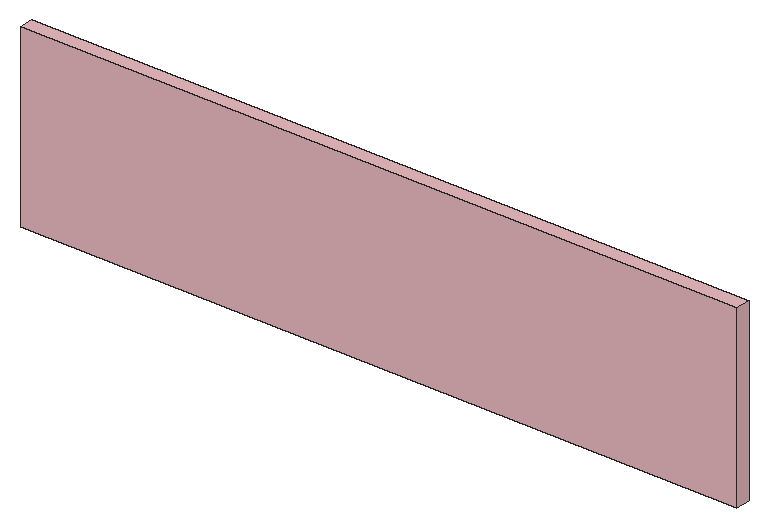
Revit family "Wood Wool - Ceiling Baffles", category Specialty Equipment, Revit 2023
Family settings
  Round Connector Dimension = Use Diameter
  Part Type = Normal
  OmniClass Number = 23.35.00.00
  OmniClass Title = Covering, Cladding, and Finishes
  Work Plane-Based = Yes
  Enable Cutting in Views = Yes
  Always vertical = No
  Cut with Voids When Loaded = No
  Maintain Annotation Orientation = No
  Shared = No
  Room Calculation Point = No
Parameters (values of type "2" Square 2ft x 8ft Custom Painted")
  URL = "https://www.acousticalsurfaces.com/envirocoustic-wood-wool/baffle/"
  Type Comments = "Acoustic Baffles"
  Thickness Options = 2
  T = if(Thickness Options = 0, 0' 1", 0' 0") + if(Thickness Options = 1, 0' 1 3/8", 0' 0") + if(Thickness Options = 2, 0' 2", 0' 0")  # 0' - 2"
  Recycled Content Percentage = "0%"
  Model = "Envirocoustic Wood Wool"
  Material = "Envirocoustic Wood Wool"
  Manufacturer = "Acoustical Surfaces, Inc."
  Fire Rating = "ASTM E84 - Class A"
  Finish = Paint - Acoustical-Surfaces - Custom Painted
  Edge Option = 2
  ‍     2. Square = Edge Option = 2  # yes
  ‍     1. Beveled = Edge Option = 1  # no
  Width = 2' - 0"
  Length = 8' - 0"
  ‍      2. Thickness 2" = Thickness Options = 2  # yes
  ‍      1. Thickness 1-3/8" = Thickness Options = 1  # no
  ‍      0. Thickness 1" = Thickness Options = 0  # no
  Description = "Acoustic Baffles"
  Default Elevation = 0' - 0"
  B = Width / 2  # 1' - 0"
  Assembly Code = "C30"
  Acoustics - NRC = "Sound absorption varies from NRC 0.45 to 0.95 based on installation method used when tested per ASTM C423."
Types (24): name | Thickness Options | T | Finish | Edge Option | ‍     2. Square | ‍     1. Beveled | Length | ‍      2. Thickness 2" | ‍      1. Thickness 1-3/8" | ‍      0. Thickness 1"
  2" Square 2ft x 8ft Custom Painted | 2 | 0' - 2" | Paint - Acoustical-Surfaces - Custom Painted | 2 | yes | no | 8' - 0" | yes | no | no
  2" Square 2ft x 4ft Custom Painted | 2 | 0' - 2" | Paint - Acoustical-Surfaces - Custom Painted | 2 | yes | no | 4' - 0" | yes | no | no
  2" Square 2ft x 8ft Primed White | 2 | 0' - 2" | Paint - Acoustical-Surfaces - Primed White | 2 | yes | no | 8' - 0" | yes | no | no
  2" Square 2ft x 4ft Primed White | 2 | 0' - 2" | Paint - Acoustical-Surfaces - Primed White | 2 | yes | no | 4' - 0" | yes | no | no
  2" Beveled 2ft x 8ft Custom Painted | 2 | 0' - 2" | Paint - Acoustical-Surfaces - Custom Painted | 1 | no | yes | 8' - 0" | yes | no | no
  2" Beveled 2ft x 4ft Custom Painted | 2 | 0' - 2" | Paint - Acoustical-Surfaces - Custom Painted | 1 | no | yes | 4' - 0" | yes | no | no
  2" Beveled 2ft x 8ft Primed White | 2 | 0' - 2" | Paint - Acoustical-Surfaces - Primed White | 1 | no | yes | 8' - 0" | yes | no | no
  2" Beveled 2ft x 4ft Primed White | 2 | 0' - 2" | Paint - Acoustical-Surfaces - Primed White | 1 | no | yes | 4' - 0" | yes | no | no
  1 3/8" Square 2ft x 8ft Custom Painted | 1 | 0' - 1 3/8" | Paint - Acoustical-Surfaces - Custom Painted | 2 | yes | no | 8' - 0" | no | yes | no
  1 3/8" Square 2ft x 4ft Custom Painted | 1 | 0' - 1 3/8" | Paint - Acoustical-Surfaces - Custom Painted | 2 | yes | no | 4' - 0" | no | yes | no
  1 3/8" Square 2ft x 8ft Primed White | 1 | 0' - 1 3/8" | Paint - Acoustical-Surfaces - Primed White | 2 | yes | no | 8' - 0" | no | yes | no
  1 3/8" Square 2ft x 4ft Primed White | 1 | 0' - 1 3/8" | Paint - Acoustical-Surfaces - Primed White | 2 | yes | no | 4' - 0" | no | yes | no
  1 3/8" Beveled 2ft x 8ft Custom Painted | 1 | 0' - 1 3/8" | Paint - Acoustical-Surfaces - Custom Painted | 1 | no | yes | 8' - 0" | no | yes | no
  1 3/8" Beveled 2ft x 4ft Custom Painted | 1 | 0' - 1 3/8" | Paint - Acoustical-Surfaces - Custom Painted | 1 | no | yes | 4' - 0" | no | yes | no
  1 3/8" Beveled 2ft x 8ft Primed White | 1 | 0' - 1 3/8" | Paint - Acoustical-Surfaces - Primed White | 1 | no | yes | 8' - 0" | no | yes | no
  1 3/8" Beveled 2ft x 4ft Primed White | 1 | 0' - 1 3/8" | Paint - Acoustical-Surfaces - Primed White | 1 | no | yes | 4' - 0" | no | yes | no
  1" Beveled 2ft x 4ft Primed White | 0 | 0' - 1" | Paint - Acoustical-Surfaces - Primed White | 1 | no | yes | 4' - 0" | no | no | yes
  1" Beveled 2ft x 4ft Custom Painted | 0 | 0' - 1" | Paint - Acoustical-Surfaces - Custom Painted | 1 | no | yes | 4' - 0" | no | no | yes
  1" Square 2ft x 4ft Primed White | 0 | 0' - 1" | Paint - Acoustical-Surfaces - Primed White | 2 | yes | no | 4' - 0" | no | no | yes
  1" Square 2ft x 4ft Custom Painted | 0 | 0' - 1" | Paint - Acoustical-Surfaces - Custom Painted | 2 | yes | no | 4' - 0" | no | no | yes
  1" Square 2ft x 8ft Primed White | 0 | 0' - 1" | Paint - Acoustical-Surfaces - Primed White | 2 | yes | no | 8' - 0" | no | no | yes
  1" Beveled 2ft x 8ft Primed White | 0 | 0' - 1" | Paint - Acoustical-Surfaces - Primed White | 1 | no | yes | 8' - 0" | no | no | yes
  1" Beveled 2ft x 8ft Custom Painted | 0 | 0' - 1" | Paint - Acoustical-Surfaces - Custom Painted | 1 | no | yes | 8' - 0" | no | no | yes
  1" Square 2ft x 8ft Custom Painted | 0 | 0' - 1" | Paint - Acoustical-Surfaces - Custom Painted | 2 | yes | no | 8' - 0" | no | no | yes
Reference planes (in)
  plane 1 "Center (Front/Back)": y = 0
  plane 2: z = 0
  plane 3 "Center (Left/Right)": x = 0
  plane 4: y = -2
  plane 5: y = 0
  plane 6: x = -48
  plane 7: x = 48
  plane 8: z = 24
  plane 9: z = 0
Dimensions and locks (in)
  "B": nested 1 to plane 2
  "B": nested 2 to level
  equal spacing: plane 6, plane 3 "Center (Left/Right)", plane 7
  "Length": plane 6 to plane 7
  locked: plane 1 "Center (Front/Back)" to plane 5
  "T": plane 4 to plane 1 "Center (Front/Back)"
  locked: level to plane 9
  "Width": plane 8 to level
  aligned and locked: level to plane 2
Nested families (in)
  nested 1: "Beveled" at (0, 0, 12) x (-1, 0, 0) z (0, -1, 0), visible <- "‍     1. Beveled", type "Beveled"
    with Thickness 0' - 2"
  nested 2: "Square" at (0, 0, 12) x (-1, 0, 0) z (0, -1, 0), visible <- "‍     2. Square", type "Square"
    with Thickness 0' - 2"
Definition of nested family "Beveled"
  Parameters (values of type "Beveled")
    Thickness = 0' - 1"
    Material = none
    Default Elevation = 4' - 0"
    B = 2' - 0"
    A = 8' - 0"
  Reference planes (in)
    plane 1 "Center (Front/Back)": y = 0
    plane 2: z = 0
    plane 3 "Center (Left/Right)": x = 0
    plane 4: x = -48
    plane 5: x = 48
    plane 6: y = 12
    plane 7: y = -12
    plane 8: z = 1
  Forms (in)
    Extrusion 1, solid, material <- "Material"
      sketch origin (0, 0, 0) x (1, 0, 0) y (0, 1, 0)
        loop
          line (48, 12) -> (-48, 12) -> (-48, -12) -> (48, -12) -> (48, 12)
      from 0 to 1
    Sweep 2, void
      path in 3D
        loop
          line (48, -12, 1) -> (48, 12, 1) -> (-48, 12, 1) -> (-48, -12, 1)
      profile "Triangle : Family2" origin (48, 0, 1) x (-1, 0, 0) y (0, 0, 1)
        loop
          line (0, 0) -> (0, -0.315) -> (0.315, 0) -> (0, 0)
    Sweep 3, void
      path in 3D
        loop
          line (-48, -12, 0) -> (-48, 12, 0) -> (48, 12, 0) -> (48, -12, 0)
      profile "Triangle : Family2" origin (-48, 0, 0) x (1, 0, 0) y (0, 0, -1)
        loop
          line (0, 0) -> (0, -0.315) -> (0.315, 0) -> (0, 0)
  Cuts and joins
    Sweep 2, Sweep 3 cuts Extrusion 1
  Lines and regions (in)
    sketch lines
      curve 1: line (48, -12, 1) -> (48, 12, 1)
      curve 2: line (-48, 12, 1) -> (-48, -12, 1)
      curve 3: line (48, 12, 1) -> (-48, 12, 1)
      curve 4: line (-48, -12, 0) -> (-48, 12, 0)
      curve 5: line (-48, 12, 0) -> (48, 12, 0)
      curve 6: line (48, 12, 0) -> (48, -12, 0)
  Dimensions and locks (in)
    equal spacing: plane 4, plane 3 "Center (Left/Right)", plane 5
    equal spacing: plane 7, plane 1 "Center (Front/Back)", plane 6
    "B": plane 7 to plane 6
    "A": plane 4 to plane 5
    "Thickness": plane 8 to level
    aligned and locked: level to plane 2
    aligned and locked: Extrusion 1 sketch curve to plane 4
    aligned and locked: plane 5 to Extrusion 1 sketch curve
    aligned and locked: Extrusion 1 sketch curve to plane 6
    aligned and locked: Extrusion 1 sketch curve to plane 7
    aligned and locked: Extrusion 1 to plane 8
Definition of nested family "Square"
  Parameters (values of type "Square")
    Thickness = 0' - 1"
    Material = none
    Default Elevation = 4' - 0"
    B = 2' - 0"
    A = 8' - 0"
  Reference planes (in)
    plane 1 "Center (Front/Back)": y = 0
    plane 2: z = 0
    plane 3 "Center (Left/Right)": x = 0
    plane 4: x = -48
    plane 5: x = 48
    plane 6: y = 12
    plane 7: y = -12
    plane 8: z = 1
  Forms (in)
    Extrusion 1, solid, material <- "Material"
      sketch origin (0, 0, 0) x (1, 0, 0) y (0, 1, 0)
        loop
          line (48, 12) -> (-48, 12) -> (-48, -12) -> (48, -12) -> (48, 12)
      from 0 to 1
  Dimensions and locks (in)
    equal spacing: plane 4, plane 3 "Center (Left/Right)", plane 5
    equal spacing: plane 7, plane 1 "Center (Front/Back)", plane 6
    "B": plane 7 to plane 6
    "A": plane 4 to plane 5
    "Thickness": plane 8 to level
    aligned and locked: level to plane 2
    aligned and locked: Extrusion 1 sketch curve to plane 4
    aligned and locked: plane 5 to Extrusion 1 sketch curve
    aligned and locked: Extrusion 1 sketch curve to plane 6
    aligned and locked: Extrusion 1 sketch curve to plane 7
    aligned and locked: Extrusion 1 to plane 8
